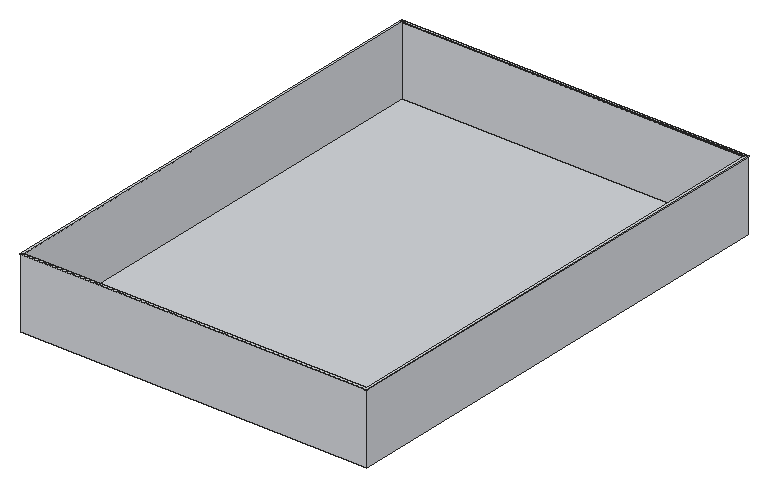
Revit family "Univers-IP44-empty-Recessed_mounted-CH-en", category Electrical Equipment, host Face, Revit 2020
Family settings
  Host = Face
  Panel Configuration = Two Columns, Circuits Across
  Round Connector Dimension = Use Diameter
  Part Type = Panelboard
  Cut with Voids When Loaded = No
  Shared = No
  Room Calculation Point = No
Parameters (values of type "Recessed mounted IP44 W800 H1100 D161 0 Modular spacings - FWB73D1")
  Width Control [instance] = if([HG000006 - Flush mounted], if([EF000846 - Built-in width] > min_whd, [EF000846 - Built-in width], min_whd), if([EF000008 - Width] > min_whd, ([EF000008 - Width]), min_whd))  # 800 mm
  Void Depth [instance] = if([HG000006 - Flush mounted], Depth Control, 1 mm)  # 161 mm
  Type Comments = [HG000003 - Range]  # "Univers"
  System Height [instance] = Height Control - 2 * [HG000005 - Thickness]  # 1094 mm
  Model = [HG000004 - Manufacturer reference]  # "FWB73D1"
  HG000011 - Empty rows from bottom = no
  HG000005 - Thickness = 3 mm  # constant formula
  Arrow Offset [instance] = Depth Control / 8  # 20.125 mm
  Arrow Height [instance] = Depth Control - Arrow Offset  # 140.875 mm
  Host Offset [instance] = if([HG000006 - Flush mounted], 0 mm, [EF000049 - Depth])  # 0 mm
  min_whd [instance] = (2 * [HG000005 - Thickness]) + 1 mm  # 7 mm
  Manufacturer = "Hager"  # constant formula
  Height Control [instance] = if([HG000006 - Flush mounted], if([EF000332 - Built-in height] > min_whd, [EF000332 - Built-in height], min_whd), if([EF000040 - Height] > min_whd, ([EF000040 - Height]), min_whd))  # 1100 mm
  HG000010 - Asymmetric doors = no
  HG000009 - Double swing door = no
  HG000008 - Number of empty rows = 0
  HG000007 - Number of empty columns = 0
  HG000006 - Flush mounted = yes
  HG000004 - Manufacturer reference = "FWB73D1"
  HG000003 - Range = "Univers"
  HG000002 - With door or cover = no
  HG000001 - Number of columns = 0
  Flush Mounted - Door Frame Width [instance] = if(([EF000040 - Height] - [EF000332 - Built-in height]) > 0 mm, if([HG000006 - Flush mounted], [EF000040 - Height] - [EF000332 - Built-in height], 0 mm), 0 mm)  # 0 mm
  EF015941 - Signal passing door = no
  EF015777 - Neutral terminal block = no
  EF015776 - Earthing terminal block = no
  EF009212 - Cover model = "EV009916 - With notch"
  EF006306 - With lock = no
  EF006244 - Transparent cover/door = no
  EF005474 - Degree of protection (IP) = "EV006418 - IP44"
  EF004462 - Type of closure = "EV000154 - Other"
  EF002950 - Width in number of modular spacings = 0
  EF001596 - Material housing = "EV000179 - Steel"
  EF001134 - DIN-rail = no
  EF001131 - Internal depth = 160 mm
  EF001088 - Extension possible = no
  EF001062 - EMC-version = no
  EF000846 - Built-in width = 800 mm
  EF000339 - Type of cover = "EV000494 - None"
  EF000332 - Built-in height = 1100 mm
  EF000266 - Number of rows = 0
  EF000218 - Built-in depth = 161 mm
  EF000118 - With mounting plate = no
  EF000116 - RAL-number = "9010"
  EF000049 - Depth = 161 mm
  EF000040 - Height = 1100 mm
  EF000008 - Width = 800 mm
  EF000007 - Colour = "EV000202 - White"
  EF000003 - Mounting method = "EV001247 - Surface mounted/recessed mounted"
  Door_Right [instance] = yes
  Door_Left [instance] = not(Door_Right)  # no
  Door Swing Angle [instance] = 45.00°
  Door 3d Visibility [instance] = yes
  Depth Control [instance] = if([HG000006 - Flush mounted], if([EF000218 - Built-in depth] > 0 mm, [EF000218 - Built-in depth], 1 mm), if([EF000049 - Depth] > 0 mm, ([EF000049 - Depth]), 1 mm))  # 161 mm
  Default Elevation = 0 mm
  Clearance Visibility [instance] = no
Reference planes
  plane 1 "Center (Front/Back)": y = 0
  plane 2: z = 0
  plane 3 "Center (Left/Right)": x = 0
  plane 4: z = 0
  plane 5: y = 3
  plane 6: z = -5
  plane 7: y = 550
  plane 8: y = 0
  plane 9: y = 1100
  plane 10: z = -161
  plane 11: x = -400
  plane 12: x = 400
  plane 13: x = 397
  plane 14: x = -397
  plane 15: y = 1097
  plane 16: z = -158
  plane 17: z = -3
  plane 18: z = -161
  plane 19: z = -3
Forms (mm)
  Extrusion 1, solid
    sketch origin (-583.045, 0, 1219.2) x (-1, 0, 0) y (0, 0, 1)
      loop
        line (-183.045, -1219.2) -> (-983.045, -1219.2) -> (-983.045, -1380.2) -> (-183.045, -1380.2) -> (-183.045, -1219.2)
    from 0 to 1100 <- "Height Control"
  Extrusion 2, void
    sketch origin (-381.607, -4572, 0) x (0, -1, 0) y (-1, 0, 0)
      loop
        line (-5669, 15.393) -> (-5669, -778.607) -> (-4575, -778.607) -> (-4575, 15.393) -> (-5669, 15.393)
    from 0 to 158
  Extrusion 3, void
    sketch origin (0, 0, 0) x (1, 0, 0) y (0, 1, 0)
      loop
        line (-400, 0) -> (400, 0) -> (400, 1100) -> (-400, 1100) -> (-400, 0)
    from -161 to 1
  Extrusion 4, solid, detail levels coarse
    sketch origin (-381.607, -4572, 0) x (-1, 0, 0) y (0, -1, 0)
      loop
        line (15.393, -5669) -> (15.393, -4575) -> (-778.607, -4575) -> (-778.607, -5669) -> (15.393, -5669)
    from 0 to -3
Cuts and joins
  Extrusion 2 cuts Extrusion 1
Dimensions and locks
  plane 4 to plane 6 = 5 mm
  "Host Offset": plane 4 to host face
  "Flush Mounted - Door Frame Width": plane 1 "Center (Front/Back)" to plane 8
  "HG000005 - Thickness": plane 5 to plane 8
  locked: connector elem to plane 3 "Center (Left/Right)"
  "Height Control": plane 9 to plane 8
  equal spacing: plane 9, plane 7, plane 8
  locked: connector elem to plane 7
  "Depth Control": plane 4 to plane 10
  "HG000005 - Thickness": plane 11 to plane 14
  "HG000005 - Thickness": plane 12 to plane 13
  equal spacing: plane 11, plane 3 "Center (Left/Right)", plane 12
  "Width Control": plane 11 to plane 12
  "Arrow Offset": nested 4 to plane 10
  "HG000005 - Thickness": plane 9 to plane 15
  "HG000005 - Thickness": plane 16 to plane 10
  "HG000005 - Thickness": plane 4 to plane 17
  "Void Depth": plane 2 to plane 18
  "HG000005 - Thickness": plane 4 to plane 19
  aligned and locked: plane 2 to host face
  aligned and locked: level to host face
  aligned and locked: plane 3 "Center (Left/Right)" to nested 2
  aligned and locked: nested 2 to plane 4
  aligned and locked: nested 2 to plane 8
  aligned and locked: nested 1 to plane 6
  aligned and locked: nested 1 to plane 5
  aligned and locked: nested 4 to plane 11
  aligned and locked: nested 3 to plane 4
  aligned and locked: Extrusion 1 sketch curve to plane 12
  aligned and locked: Extrusion 1 sketch curve to plane 11
  aligned and locked: nested 3 to plane 10
  aligned and locked: plane 10 to Extrusion 1 sketch curve
  aligned and locked: Extrusion 2 sketch curve to plane 5
  aligned and locked: Extrusion 2 sketch curve to plane 15
  aligned and locked: Extrusion 2 sketch curve to plane 14
  aligned and locked: Extrusion 2 sketch curve to plane 13
  aligned and locked: plane 11 to Extrusion 3 sketch curve
  aligned and locked: plane 9 to Extrusion 3 sketch curve
  aligned and locked: Extrusion 3 sketch curve to plane 8
  aligned and locked: plane 12 to Extrusion 3 sketch curve
  aligned and locked: nested 3 to plane 12
  aligned and locked: Extrusion 3 to plane 18
  aligned and locked: Extrusion 2 to plane 16
  aligned and locked: Extrusion 1 sketch curve to plane 4
  aligned and locked: Extrusion 4 to plane 17
  aligned and locked: Extrusion 4 sketch curve to plane 15
  aligned and locked: Extrusion 4 sketch curve to plane 13
  aligned and locked: Extrusion 4 sketch curve to plane 14
  aligned and locked: Extrusion 4 sketch curve to plane 5
Automatic sketch dimensions
  host sketch curve to host sketch curve = 1469.727 mm
  host sketch curve to host sketch curve = 1318.837 mm
Nested families
  nested 1: "Hager_Enclosure_System" at (0, 3, -5) x (1, 0, 0) z (0, 1, 0), Depth <- "HG000005 - Thickness", Height <- "System Height", Width <- "EF000008 - Width", Border <- "HG000005 - Thickness", Flush_Mounted <- "HG000006 - Flush mounted", Built-in_Width <- "EF000846 - Built-in width", Row_Module_Multiplicator <- "EF002950 - Width in number of modular spacings", Total_No_Empty_Rows <- "HG000008 - Number of empty rows", Total_No_Rows <- "EF000266 - Number of rows", Empty_Columns <- "HG000007 - Number of empty columns", No_Rows <- "EF000266 - Number of rows", No_Columns <- "HG000001 - Number of columns", Width_Control <- "Width Control", Empty_Rows_From_Bottom <- "HG000011 - Empty rows from bottom", type "Hager_Enclosure_System", detail levels medium+fine
    with Width_Control 800 mm, Width 800 mm, Total_No_Rows 0, Total_No_Empty_Rows 0, Total_No_Columns 1, System_Width 794 mm, Rows_Column 0, Row_Module_Multiplicator 0, Panel_4 no, Panel_3 no, Panel_2 no, Panel_1 no, No_Rows 0, No_Panels_Ctrl 1, No_Columns 0, Hide_Columns yes, Height 1094 mm, Flush_Mounted yes, Empty_Rows_From_Bottom no, Empty_Rows_Column 0, Empty_Columns 0, Depth 3 mm, Column_Width 794 mm, Built-in_Width 800 mm, Border 3 mm
  nested 2: "Hager_Enclosure_Door" at (0, 0, 0) x (1, 0, 0) z (0, 1, 0), Border <- "HG000005 - Thickness", Door_Right <- "Door_Right", Flush_Mounted <- "HG000006 - Flush mounted", Depth <- "EF000049 - Depth", Width <- "EF000008 - Width", Door_Left <- "Door_Left", 3d_Door <- "Door 3d Visibility", BuiltIn_Width <- "EF000846 - Built-in width", BuiltIn_Height <- "EF000332 - Built-in height", BuiltIn_Depth <- "EF000218 - Built-in depth", Angle <- "Door Swing Angle", Assymetrical <- "HG000010 - Asymmetric doors", Double <- "HG000009 - Double swing door", Clearance <- "Clearance Visibility", Transparent <- "EF006244 - Transparent cover/door", Door <- "HG000002 - With door or cover", Height_Ctrl <- "Height Control", Width_Ctrl <- "Width Control", Height <- "EF000040 - Height", type "Hager_Enclosure_Door", detail levels medium+fine
    with min_wh 7 mm, Width_Ctrl 800 mm, Width 800 mm, Transparent no, Leaf_Width 791 mm, Leaf_Tolerance 1.5 mm, Leaf_Height 1091 mm, Leaf_2_Width 791 mm, Leaf_2_Offset 395.5 mm, Leaf_1_Width 791 mm, Leaf_1_Offset 395.5 mm, Height_Ctrl 1100 mm, Height 1100 mm, Frame_Width_Ctrl 1 mm, Frame_Width 0 mm, Frame_Internal_Offset 3 mm, Frame_Height_Ctrl 1 mm, Frame_Height 0 mm, Frame_Depth_Ctrl 1 mm, Frame_Depth 0 mm, Flush_Mounted yes, Double_Clearance_Ctrl no, Double no, Door_Right_Ctrl no, Door_Right yes, Door_Left_Ctrl no, Door_Left no, Door no, Depth 161 mm, Clearance_Depth 791 mm, Clearance_Ctrl no, Clearance no, BuiltIn_Width 800 mm, BuiltIn_Height 1100 mm, BuiltIn_Depth 161 mm, Border 3 mm, Assymetrical no, Angle 45.00°, 3d_Door yes
  nested 3: "Hager_Enclosure_Symbol_Triangle" at (-400, 0, -161) x (1, 0, 0) z (0, -1, 0), Depth <- "Depth Control", Width <- "Width Control", type "Hager_Enclosure_Symbol_Triangle"
    with Width_Ctrl 800 mm, Width 800 mm, Depth_Ctrl 161 mm, Depth 161 mm
  nested 4: "Hager_Enclosure_Symbol_Arrow" at (-400, 0, -140.875) x (1, 0, 0) z (0, -1, 0), Height <- "Arrow Height", type "Hager_Enclosure_Symbol_Arrow"
    with Width_Inside 10.566 mm, Width 126.788 mm, Height_Ctrl 140.875 mm, Height 140.875 mm
Connectors
  electrical at (0, 550, -161)
    settings: on plane 10, index 1, voltage 0 V, apparent load 0 VA, apparent load phase1 0 VA, apparent load phase2 0 VA, apparent load phase3 0 VA, power factor 1, load classification "Other", number of poles 1, system type 30, power factor state 1, is connector primary yes, connector utility no, sub classification motor no, connector description ""
Definition of nested family "Hager_Enclosure_Door"
  Parameters (values of type "Hager_Enclosure_Door")
    min_wh [instance] = (2 * Border) + 1 mm  # 11 mm
    Width_Ctrl [instance] = 400 mm
    Width [instance] = 500 mm
    Transparent [instance] = yes
    Leaf_Width [instance] = if((Width_Ctrl - 2 * Border - 2 * Leaf_Tolerance) > 0 mm, (Width_Ctrl - 2 * Border - 2 * Leaf_Tolerance), min_wh)  # 387 mm
    Leaf_Tolerance [instance] = 1.5 mm  # constant formula
    Leaf_Height [instance] = if((Height_Ctrl - 2 * Border - 2 * Leaf_Tolerance) > 0 mm, (Height_Ctrl - 2 * Border - 2 * Leaf_Tolerance), min_wh)  # 387 mm
    Leaf_2_Width [instance] = if(and(and(Double, Assymetrical), Door_Left), (Leaf_Width / 3) - (Leaf_Tolerance / 2), if(and(and(Double, Assymetrical), Door_Right), (Leaf_Width / 3) * 2 - (Leaf_Tolerance / 2), if(and(Double, not(Assymetrical)), (Leaf_Width / 2) - Leaf_Tolerance, Leaf_Width)))  # 192 mm
    Leaf_2_Offset [instance] = if(and(Double, Assymetrical), Leaf_2_Width / 2, if(and(Double, not(Assymetrical)), Leaf_Width / 4, Leaf_Width / 2))  # 96.75 mm
    Leaf_1_Width [instance] = if(and(and(Double, Assymetrical), Door_Right), (Leaf_Width / 3) - (Leaf_Tolerance / 2), if(and(and(Double, Assymetrical), Door_Left), (Width / 3) * 2 - (Leaf_Tolerance / 2), if(and(Double, not(Assymetrical)), (Leaf_Width / 2) - Leaf_Tolerance, Leaf_Width)))  # 192 mm
    Leaf_1_Offset [instance] = if(and(Double, Assymetrical), Leaf_1_Width / 2, if(and(Double, not(Assymetrical)), Leaf_Width / 4, Leaf_Width / 2))  # 96.75 mm
    Height_Ctrl [instance] = 400 mm
    Height [instance] = 500 mm
    Frame_Width_Ctrl [instance] = if(Frame_Width > 0 mm, Frame_Width, 1 mm)  # 1 mm
    Frame_Width [instance] = Width - BuiltIn_Width  # 0 mm
    Frame_Internal_Offset [instance] = if(Flush_Mounted, Border, 0 mm)  # 0 mm
    Frame_Height_Ctrl [instance] = if(Frame_Height > 0 mm, Frame_Height, 1 mm)  # 1 mm
    Frame_Height [instance] = Height - BuiltIn_Height  # 0 mm
    Frame_Depth_Ctrl [instance] = if(Frame_Depth > 0 mm, Frame_Depth, 1 mm)  # 1 mm
    Frame_Depth [instance] = if(Depth - BuiltIn_Depth > 0 mm, if(Flush_Mounted, Depth - BuiltIn_Depth, 0 mm), 0 mm)  # 0 mm
    Flush_Mounted [instance] = no
    Double_Clearance_Ctrl [instance] = and(Double, Clearance)  # yes
    Double [instance] = yes
    Door_Right_Ctrl [instance] = and(or(Door_Right, Double), Door)  # yes
    Door_Right [instance] = yes
    Door_Left_Ctrl [instance] = and(or(Door_Left, Double), Door)  # yes
    Door_Left [instance] = no
    Door [instance] = yes
    Depth [instance] = 500 mm
    Default Elevation = 1219.2 mm
    Clearance_Material = none
    Clearance_Depth [instance] = if(Leaf_1_Width > Leaf_2_Width, Leaf_1_Width, Leaf_2_Width)  # 192 mm
    Clearance_Ctrl [instance] = and(not(Double), Clearance)  # no
    Clearance [instance] = yes
    BuiltIn_Width [instance] = 500 mm
    BuiltIn_Height [instance] = 500 mm
    BuiltIn_Depth [instance] = 500 mm
    Border [instance] = 5 mm
    Assymetrical [instance] = no
    Angle [instance] = 65.00°
    3d_Door [instance] = yes
  Reference planes
    plane 1 "Center (Front/Back)": y = 0
    plane 2 "Bottom": z = 0
    plane 3 "Center (Left/Right)": x = 0
    plane 4: z = 400
    plane 5: x = -200
    plane 6: x = 200
    plane 7: z = 395
    plane 8: x = -195
    plane 9: z = 5
    plane 10: x = 195
    plane 11: y = 0
    plane 12: z = 6.5
    plane 13: x = -387
    plane 14: y = -192
    plane 15: x = 387
    plane 16: x = -96.75
    plane 17: x = 96.75
    plane 18: x = -193.5
    plane 19: x = 193.5
    plane 20: z = 393.5
  Forms (mm)
    Extrusion 1, solid, visible <- "Flush_Mounted"
      sketch origin (0, 0, 0) x (1, 0, 0) y (0, 0, 1)
        loop
          line (200, 0) -> (200, 400) -> (-200, 400) -> (-200, 0) -> (200, 0)
        loop
          line (-201, 401) -> (-201, -1) -> (201, -1) -> (201, 401) -> (-201, 401)
      from 0 to 1 <- "Frame_Depth_Ctrl"
    Extrusion 2, solid, material <- "Clearance_Material", visible <- "Double_Clearance_Ctrl"
      sketch origin (1200, 0, 0) x (1, 0, 0) y (0, 0, -1)
        loop
          line (-1587, -393.5) -> (-813, -393.5) -> (-813, 0) -> (-1587, 0) -> (-1587, -393.5)
      from 0 to -192
  Dimensions and locks
    equal spacing: plane 5, plane 3 "Center (Left/Right)", plane 6
    "Width_Ctrl": plane 5 to plane 6
    "Border": plane 5 to plane 8
    "Border": plane 6 to plane 10
    "Border": plane 9 to level
    "Border": plane 4 to plane 7
    "Height_Ctrl": plane 4 to level
    "Leaf_Tolerance": plane 12 to plane 9
    "Frame_Depth": plane 11 to plane 1 "Center (Front/Back)"
    "Frame_Width_Ctrl": plane 5 to Extrusion 1 sketch curve
    "Frame_Width_Ctrl": plane 6 to Extrusion 1 sketch curve
    "Frame_Width_Ctrl": Extrusion 1 sketch curve to plane 4
    "Frame_Width_Ctrl": plane 2 "Bottom" to Extrusion 1 sketch curve
    "Leaf_1_Offset": plane 18 to plane 16
    "Leaf_2_Offset": plane 17 to plane 19
    "Leaf_1_Width": plane 13 to plane 8
    "Leaf_2_Width": plane 10 to plane 15
    "Clearance_Depth": plane 14 to plane 1 "Center (Front/Back)"
    "Leaf_Tolerance": plane 8 to plane 18
    "Leaf_Tolerance": plane 19 to plane 10
    "Leaf_Tolerance": plane 7 to plane 20
    "Frame_Internal_Offset": plane 5 to Extrusion 1 sketch curve
    "Frame_Internal_Offset": Extrusion 1 sketch curve to plane 2 "Bottom"
    "Frame_Internal_Offset": plane 6 to Extrusion 1 sketch curve
    "Frame_Internal_Offset": plane 4 to Extrusion 1 sketch curve
    aligned and locked: level to plane 2 "Bottom"
    aligned and locked: nested 1 to plane 16
    aligned and locked: nested 2 to plane 17
    aligned and locked: Extrusion 2 to plane 13
    aligned and locked: plane 15 to Extrusion 2
    aligned and locked: Extrusion 2 to plane 14
    aligned and locked: plane 12 to nested 1
    aligned and locked: nested 2 to plane 12
    aligned and locked: Extrusion 2 to plane 11
    aligned and locked: plane 20 to Extrusion 2
    aligned and locked: nested 2 to plane 11
    aligned and locked: nested 1 to plane 11
  Automatic sketch dimensions
    Extrusion 2 sketch curve to level = 0 mm
    plane 5 to Extrusion 2 sketch curve = 187 mm
    plane 6 to Extrusion 2 sketch curve = 187 mm
    Extrusion 2 sketch curve to plane 4 = 6.5 mm
  Nested families
    nested 1: "Hager_Enclosure_Door_Leaf" at (-96.75, 0, 6.5), Width <- "Leaf_1_Width", visible <- "Door_Left_Ctrl", Leaf_Height <- "Leaf_Height", Angle <- "Angle", Depth <- "Border", 3d_Door <- "3d_Door", Transparent <- "Transparent", Clearance Material <- "Clearance_Material", Clearance <- "Clearance_Ctrl", type "Hager_Enclosure_Door_Leaf"
      with Width 192 mm, Transparent_Door_Border 25 mm, Transparent_Ctrl yes, Transparent yes, Standard no, Leaf_Height 387 mm, Glass_Offset 1 mm, Depth 5 mm, Clearance Material none, Clearance no, Angle_Ctrl 65.00°, Angle 65.00°, 3d_Door yes
    nested 2: "Hager_Enclosure_Door_Leaf" at (96.75, 0, 6.5) x (-1, 0, 0) z (0, 0, 1), Width <- "Leaf_2_Width", visible <- "Door_Right_Ctrl", Leaf_Height <- "Leaf_Height", Angle <- "Angle", Depth <- "Border", 3d_Door <- "3d_Door", Transparent <- "Transparent", Clearance Material <- "Clearance_Material", Clearance <- "Clearance_Ctrl", type "Hager_Enclosure_Door_Leaf"
      with Width 192 mm, Transparent_Door_Border 25 mm, Transparent_Ctrl yes, Transparent yes, Standard no, Leaf_Height 387 mm, Glass_Offset 1 mm, Depth 5 mm, Clearance Material none, Clearance no, Angle_Ctrl 65.00°, Angle 65.00°, 3d_Door yes
  Definition of nested family "Hager_Enclosure_Door_Leaf"
    Parameters (values of type "Hager_Enclosure_Door_Leaf")
      Width [instance] = 200 mm
      Transparent_Door_Border [instance] = 25 mm  # constant formula
      Transparent_Ctrl [instance] = and(Transparent, [3d_Door])  # yes
      Transparent [instance] = yes
      Standard [instance] = and(not(Transparent), [3d_Door])  # no
      Leaf_Height [instance] = 500 mm
      Glass_Offset [instance] = if((Depth - 10 mm) / 2 > 0 mm, (Depth - 10 mm) / 2, 1 mm)  # 1 mm
      Glass_Material = none
      Depth [instance] = 3 mm
      Default Elevation = 0 mm
      Clearance Material [instance] = none
      Clearance [instance] = no
      Angle_Ctrl [instance] = if(Angle > 170.00°, 170.00°, Angle)  # 163.00°
      Angle [instance] = 163.00°
      3d_Door [instance] = yes
    Reference planes
      plane 1 "Center (Front/Back)": y = 0
      plane 2: z = 0
      plane 3 "Center (Left/Right)": x = 0
      plane 4: y = 200
      plane 5: x = -100
      plane 6: x = 100
      plane 7: x = -300
      plane 8: z = 500
      plane 9: z = 25
      plane 10: z = 475
      plane 11: x = 75
      plane 12: x = -75
    Forms (mm)
      Extrusion 1, solid, material <- "Clearance Material", visible <- "Clearance"
        sketch origin (0, 0, 0) x (1, 0, 0) y (0, 0, 1)
          loop
            line (-300, 500) -> (-300, 0) -> (100, 0) -> (100, 500) -> (-300, 500)
        from 0 to -200
      Extrusion 2, solid, visible <- "Standard", detail levels fine
        sketch origin (-100, 0, 0) x (-0.956305, 0.292372, 0) y (-0.292372, -0.956305, 0)
          loop
            line (0, -3) -> (200, -3) -> (200, 0) -> (0, 0) -> (0, -3)
        from 0 to 500 <- "Leaf_Height"
      Extrusion 3, solid, visible <- "Transparent_Ctrl", detail levels fine
        sketch origin (-100, 0, 0) x (-0.956305, 0.292372, 0) y (-0.292372, -0.956305, 0)
          loop
            line (0, -3) -> (200, -3) -> (200, 0) -> (0, 0) -> (0, -3)
        from 0 to 500 <- "Leaf_Height"
      Extrusion 4, void, detail levels fine
        sketch origin (-100, 0, 0) x (-0.292372, -0.956305, 0) y (-0.956305, 0.292372, 0)
          loop
            line (0, 25) -> (0, 175) -> (-3, 175) -> (-3, 25) -> (0, 25)
        from -475 to -25
      Extrusion 5, solid, material <- "Glass_Material", visible <- "Transparent_Ctrl", detail levels fine
        sketch origin (-100, 0, 0) x (-0.956305, 0.292372, 0) y (-0.292372, -0.956305, 0)
          loop
            line (25, -1) -> (25, -2) -> (175, -2) -> (175, -1) -> (25, -1)
        from 25 to 475
    Cuts and joins
      Extrusion 4 cuts Extrusion 3
    Lines and regions (mm)
      symbolic lines
        curve 1: line (100, 0, 0) -> (-300, 0, 0)
        curve 2: arc (100, 0, 0) -> (-100, 200, 0) -> (-300, 0, 0) r 200
        curve 4: line (-100, 0, 0) -> (-291.261, 58.474, 0)
      reference lines
        curve 3: line (-100, 0, 0) -> (-291.261, 58.474, 0)
      symbolic lines, detail levels medium+fine
        curve 5: line (-291.261, 58.474, 0) -> (-290.384, 61.343, 0)
        curve 6: line (-290.384, 61.343, 0) -> (-99.123, 2.869, 0)
        curve 7: line (-99.123, 2.869, 0) -> (-100, 0, 0)
      symbolic lines, detail levels fine
        curve 8: line (-100, 0, 500) -> (100, 0, 500)
        curve 9: line (-100, 0, 0) -> (-100, 0, 500)
        curve 10: line (100, 0, 0) -> (-100, 0, 0)
        curve 11: line (100, 0, 500) -> (100, 0, 0)
      symbolic lines, visible <- "Transparent_Ctrl", detail levels fine
        curve 12: line (-75, 0, 475) -> (75, 0, 475)
        curve 13: line (-75, 0, 25) -> (-75, 0, 475)
        curve 14: line (75, 0, 25) -> (-75, 0, 25)
        curve 15: line (75, 0, 475) -> (75, 0, 25)
    Dimensions and locks
      "Width": plane 1 "Center (Front/Back)" to plane 4
      equal spacing: plane 5, plane 3 "Center (Left/Right)", plane 6
      "Width": plane 5 to plane 6
      "Width": plane 7 to plane 5
      "Leaf_Height": plane 8 to level
      "Depth": curve 6 to curve 3
      "Width": curve 5 to curve 3
      "Width": curve 3 to curve 3
      "Transparent_Door_Border": Extrusion 4 sketch curve to curve 7
      "Transparent_Door_Border": Extrusion 4 sketch curve to curve 5
      "Transparent_Door_Border": plane 8 to plane 10
      "Transparent_Door_Border": plane 9 to level
      "Glass_Offset": Extrusion 5 sketch curve to curve 4
      "Glass_Offset": Extrusion 5 sketch curve to curve 6
      "Transparent_Door_Border": Extrusion 5 sketch curve to curve 5
      "Transparent_Door_Border": Extrusion 5 sketch curve to curve 7
      "Transparent_Door_Border": plane 12 to plane 5
      "Transparent_Door_Border": plane 6 to plane 11
      "Angle_Ctrl": angle plane 1 "Center (Front/Back)" to curve 3
      aligned and locked: level to plane 2
      aligned and locked: Extrusion 1 to curve 1
      aligned and locked: plane 6 to Extrusion 1
      aligned and locked: plane 1 "Center (Front/Back)" to Extrusion 1
      aligned and locked: plane 4 to Extrusion 1
      aligned and locked: plane 8 to Extrusion 1
      aligned and locked: curve 4 to curve 3
      aligned and locked: Extrusion 2 sketch curve to curve 7
      aligned and locked: Extrusion 2 sketch curve to curve 6
      aligned and locked: Extrusion 2 sketch curve to curve 5
      aligned and locked: Extrusion 2 sketch curve to curve 3
      aligned and locked: curve 7 to Extrusion 3 sketch curve
      aligned and locked: Extrusion 3 sketch curve to curve 4
      aligned and locked: Extrusion 3 sketch curve to curve 6
      aligned and locked: Extrusion 3 sketch curve to curve 5
      aligned and locked: curve 4 to Extrusion 4 sketch curve
      aligned and locked: curve 6 to Extrusion 4 sketch curve
      aligned and locked: Extrusion 4 to plane 9
      aligned and locked: Extrusion 4 to plane 10
      aligned and locked: Extrusion 5 to plane 9
      aligned and locked: Extrusion 5 to plane 10
      aligned and locked: curve 8 to plane 8
      aligned and locked: plane 5 to curve 9
      aligned and locked: plane 2 to curve 10
      aligned and locked: curve 11 to plane 6
      aligned and locked: plane 10 to curve 12
      aligned and locked: plane 12 to curve 13
      aligned and locked: plane 9 to curve 14
      aligned and locked: plane 11 to curve 15
    Automatic sketch dimensions
      plane 1 "Center (Front/Back)" to curve 2 = 0 mm
      curve 2 to plane 5 = 0 mm
      Extrusion 1 sketch curve to level = 0 mm
      Extrusion 1 sketch curve to plane 7 = 0 mm
      Extrusion 1 sketch curve to plane 6 = 0 mm
      Extrusion 1 sketch curve to plane 8 = 0 mm
      plane 1 "Center (Front/Back)" to curve 3 = 0 mm
      curve 3 to plane 5 = 0 mm
      curve 7 to curve 3 = 0 mm
Definition of nested family "Hager_Enclosure_Symbol_Triangle"
  Parameters (values of type "Hager_Enclosure_Symbol_Triangle")
    Width_Ctrl [instance] = if(Width > 1 mm, Width, 1 mm)  # 498 mm
    Width [instance] = 498 mm
    Depth_Ctrl [instance] = if(Depth > 1 mm, Depth, 1 mm)  # 72 mm
    Depth [instance] = 72 mm
  Reference planes
    plane 1 "Centre (avant/arrière)": y = 0
    plane 2: z = 0
    plane 3 "Centre (gauche/droite)": x = 0
  Lines and regions (mm)
    Filled region 1, type "Solid_Black", in view "Niveau de réf."
      outline origin (0, 0, 0) x (1, 0, 0) y (0, 1, 0)
        loop
          line (0, 0) -> (498, 0) -> (498, 72) -> (0, 0)
    reference lines, in view "Niveau de réf."
      curve 1: line (-206.153, 72, 0) -> (1083.258, 72, 0)
      curve 2: line (498, 405.456, 0) -> (498, -517.619, 0)
  Dimensions and locks
    "Depth_Ctrl": plane 1 "Centre (avant/arrière)" to curve 1
    "Width_Ctrl": plane 3 "Centre (gauche/droite)" to curve 2
    aligned and locked: curve 1 to Filled region 1 sketch curve
    aligned and locked: Filled region 1 sketch curve to plane 1 "Centre (avant/arrière)"
    aligned and locked: curve 2 to Filled region 1 sketch curve
    aligned and locked: plane 3 "Centre (gauche/droite)" to Filled region 1 sketch curve
    aligned and locked: plane 1 "Centre (avant/arrière)" to Filled region 1 sketch curve
  Automatic sketch dimensions
    curve 1 to plane 3 "Centre (gauche/droite)" = 206.153 mm
    curve 2 to curve 1 = 585.258 mm
    plane 1 "Centre (avant/arrière)" to curve 2 = 517.619 mm
    curve 2 to plane 1 "Centre (avant/arrière)" = 405.456 mm
Definition of nested family "Hager_Enclosure_Symbol_Arrow"
  Parameters (values of type "Hager_Enclosure_Symbol_Arrow")
    Width_Inside [instance] = if(Width / 12 > 2 mm, Width / 12, 2 mm)  # 4.987 mm
    Width [instance] = if(Height_Ctrl * 0.9 > 2 mm, Height_Ctrl * 0.9, 2 mm)  # 59.85 mm
    Height_Ctrl [instance] = if(Height > 2 mm, Height, 2 mm)  # 66.5 mm
    Height [instance] = 66.5 mm
  Reference planes
    plane 1 "Centre (avant/arrière)": y = 0
    plane 2: z = 0
    plane 3 "Centre (gauche/droite)": x = 0
    plane 4: x = 59.85
    plane 5: y = 28.263
    plane 6: y = 38.238
    plane 7: y = 66.5
    plane 8: x = 29.925
    plane 9: y = 33.25
  Lines and regions (mm)
    Filled region 1, type "Solid_Black", in view "Niveau de réf."
      outline origin (0, 0, 0) x (1, 0, 0) y (0, 1, 0)
        loop
          line (59.85, 66.5) -> (37.929, 52.827) -> (51.846, 41.935) -> (59.85, 66.5)
    detail lines, in view "Niveau de réf."
      curve 1: line (0, 0, 0) -> (29.925, 38.238, 0)
      curve 2: line (29.925, 38.238, 0) -> (29.925, 28.263, 0)
      curve 3: line (29.925, 28.263, 0) -> (59.85, 66.5, 0)
  Dimensions and locks
    "Width": plane 3 "Centre (gauche/droite)" to plane 4
    "Height_Ctrl": plane 7 to plane 1 "Centre (avant/arrière)"
    equal spacing: plane 3 "Centre (gauche/droite)", plane 8, plane 4
    equal spacing: plane 7, plane 9, plane 1 "Centre (avant/arrière)"
    equal spacing: plane 6, plane 9, plane 5
    "Width_Inside": plane 6 to plane 9
    equal spacing: curve 3, Filled region 1 sketch curve, Filled region 1 sketch curve
    angle Filled region 1 sketch curve to curve 3 = 20.00°
    angle curve 3 to Filled region 1 sketch curve = 20.00°
    locked: curve 3 to Filled region 1 sketch curve (angle 90.00°)
  Automatic sketch dimensions
    plane 1 "Centre (avant/arrière)" to curve 1 = 0 mm
    curve 1 to plane 3 "Centre (gauche/droite)" = 0 mm
    curve 2 to plane 6 = 0 mm
    curve 3 to plane 8 = 0 mm
    curve 3 to plane 4 = 0 mm
    curve 2 to plane 5 = 0 mm
    curve 3 to plane 7 = 0 mm
    Filled region 1 sketch curve to plane 4 = 0 mm
    Filled region 1 sketch curve to plane 7 = 0 mm
